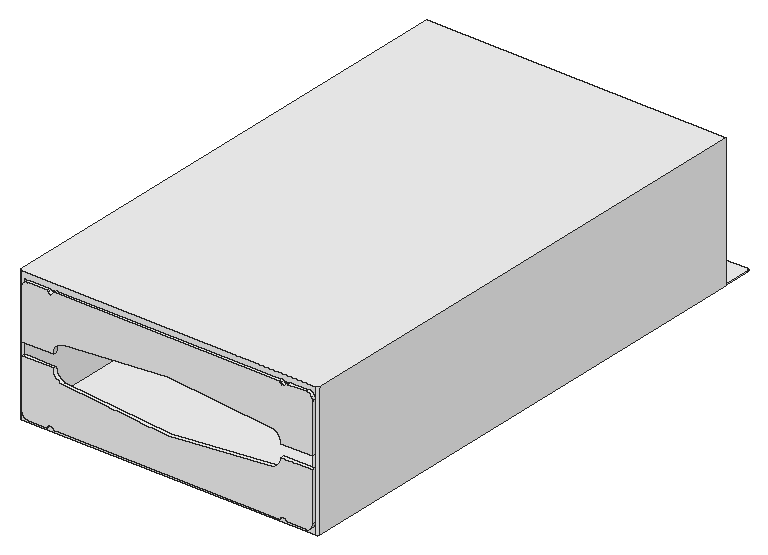
Revit family "NBS_DudleyIndustries_PprTwlDpnsrs_BehindTheMirrorRange_PaperTowelDispenser", category Specialty Equipment, host Face, Revit 2016
Family settings
  Host = Face
  Part Type = Normal
  Round Connector Dimension = Use Diameter
  OmniClass Number = 23.40.20.21.17
  OmniClass Title = Paper Towel Dispensers, Disposal Units
  Cut with Voids When Loaded = No
  Shared = No
  Room Calculation Point = No
Parameters
  WarrantyStartDate [instance] = "1900-12-31T23:59:59"
  WarrantyGuarantorParts = "sales@dudleyindustries.com"
  WarrantyGuarantorLabor = "n/a"
  WarrantyDurationUnit = "year"
  WarrantyDurationParts = "1"
  WarrantyDurationLabor = "n/a"
  WarrantyDescription = "1 year warranty"
  Version = "2"  # constant formula
  Uniclass2015Version = "Products v1.7"
  Uniclass2015Title = "Paper towel dispensers"
  Uniclass2015Code = "Pr_40_70_22_62"
  TowelsWidth = "260 mm max"
  TowelsTowelType = "C fold or muti-fold interleaved"
  TagNumber [instance] = "n/a"
  SustainabilityPerformance = "n/a"
  Style = "Paper Towel Dispenser"
  Size = "270 x 485 x 120 mm"
  Shape = "n/a"
  SerialNumber [instance] = "n/a"
  Revision = "n/a"
  ReplacementCost = "n/a"
  ProductInformation = "www.dudleyindustries.com/wp-content/uploads/2016/11/Flat-End-Paper-Towel-Dispenser.pdf"
  Operation = "Manual"
  NominalWidth = 270 mm  # constant formula
  NominalLength = NominalWidth  # 270 mm
  NominalHeight = 491 mm  # constant formula
  NominalDepth = 120 mm  # constant formula
  Name = "PaperTowelDispensers_BehindTheMirrorRange_PaperTowelDispenser_DudleyIndustries"
  NBSTypeID = "n/a"
  NBSReference = "45-35-72/344"
  NBSOfficeMasterTag = "n/a"
  NBSNote = "n/a"
  NBSDescription = "Paper towel dispensers"
  NBSCertification = "www.nationalbimlibrary.com/cert/s31ln2n3"
  ModelReference = "Behind the Mirror Range: Paper Towel Dispenser"
  ModelNumber = "92294"
  MaterialsFinishColour = "Brushed"
  MaterialsBody = "Stainless steel"
  Material = "Stainless steel"
  ManufacturerURL = "www.dudleyindustries.com/"
  ManufacturerName = "Dudley Industries"  # constant formula
  Manufacturer = "sales@dudleyindustries.com"
  MainColor = "Stainless steel"
  IntegralAccessories = "n/a"
  InstallationDate [instance] = "1900-12-31T23:59:59"
  IfcExportType = "NOTDEFINED"  # constant formula
  IfcExportAs = "IfcFurnitureType"  # constant formula
  Grade = "EN1.4509"
  Form = "Wall mounted"
  Finish = "Brushed"
  Features = "Brushed Stainless Steel flat bottomed ‘behind the mirror’ paper towel dispenser, loaded through spring-loaded flaps at the base, uses C fold multi-fold interleaved hand towels"
  ExpectedLife = "5"
  EnvironmentalProductDeclaration = "n/a"
  DurationUnit = "year"
  DispenserCabinetMaterial = NBS_Concept
  Description = "Behing the mirror paper towel dispenser"
  Default Elevation = 1200 mm
  Constituents = "n/a"
  Color = "Stainless steel"
  CodePerformance = "n/a"
  Category = "Pr_40_70_22_62:Paper towel dispensers"
  BarCode [instance] = "n/a"
  BIMObjectName = "NBS_DudleyIndustries_PaperTowelDispensers_BehindtheMirrorRange_PaperTowelDispenser"
  Author = "NBS"  # constant formula
  AssetType = "Fixed"
  AssetIdentifier [instance] = "n/a"
  AccessibilityPerformance = "n/a"
Reference planes
  plane 1 "Center (Front/Back)": y = 0
  plane 2: z = 0
  plane 3 "Center (Left/Right)": x = 0
  plane 4: x = 135
  plane 5: x = -135
  plane 6: y = 245.5
  plane 7: y = -245.5
  plane 8: z = 120
  plane 9: y = 217.7
  plane 10: x = -106.275
  plane 11: x = 106.125
  plane 12: x = -134.375
  plane 13: x = 134.225
  plane 14: x = -106.275
  plane 15: x = 106.125
  plane 16: y = -240.4
  plane 17: x = -129.8
  plane 18: z = 115.2
  plane 19: x = 132.2
  plane 20: z = 53.9
  plane 21: z = 65.2
  plane 22: z = 3.9
  plane 23: x = -83.3
  plane 24: x = 85.7
  plane 25: z = 17.9
  plane 26: x = -101.881
  plane 27: x = 104.412
  plane 28: z = 35.961
  plane 29: z = 83.526
  plane 30: z = 115.2
  plane 31: x = 132.2
  plane 32: x = -129.8
  plane 33: z = 3.9
  plane 34: z = 65.2
  plane 35: z = 53.9
  plane 36: z = 59.6
  plane 37: y = -242.3
  plane 38: z = 115
  plane 39: z = 5
  plane 40: y = -242.3
  plane 41: y = -207.3
Forms (mm)
  Extrusion 1, solid, material "NBS_Concept" <- "DispenserCabinetMaterial", detail levels coarse
    sketch origin (0, 0, 0) x (1, 0, 0) y (0, 1, 0)
      loop
        line (-135, -242.3) -> (135, -242.3) -> (135, 217.7) -> (-135, 217.7) -> (-135, -242.3)
    from 0 to 120
  Extrusion 2, solid, material "NBS_Concept" <- "DispenserCabinetMaterial", detail levels coarse
    sketch origin (0, 0, 0) x (1, 0, 0) y (0, 1, 0)
      loop
        line (-106.275, -240.4) -> (-106.275, 245.5) -> (-135, 245.5) -> (-135, -240.4) -> (-106.275, -240.4)
      loop
        line (106.125, 245.5) -> (106.125, -240.4) -> (135, -240.4) -> (135, 245.5) -> (106.125, 245.5)
    from 0 to 1
  Extrusion 3, solid, material "NBS_Concept" <- "DispenserCabinetMaterial", detail levels medium+fine
    sketch origin (0, 0, 0) x (1, 0, 0) y (0, 1, 0)
      loop
        arc (-131.375, 245.5) -> (-133.496, 244.621) -> (-134.375, 242.5) r 3
        line (-134.375, 242.5) -> (-134.375, -240.4) -> (-106.275, -240.4) -> (-106.275, 242.535)
        arc (-106.275, 242.535) -> (-106.998, 244.488) -> (-108.819, 245.5) r 3
        line (-108.819, 245.5) -> (-131.375, 245.5)
      loop
        line (106.125, -240.4) -> (134.225, -240.4) -> (134.225, 242.508)
        arc (134.225, 242.508) -> (133.349, 244.624) -> (131.233, 245.5) r 2.992
        line (131.233, 245.5) -> (109.109, 245.5)
        arc (109.109, 245.5) -> (106.999, 244.626) -> (106.125, 242.516) r 2.984
        line (106.125, 242.516) -> (106.125, -240.4)
    from 0 to 1
  Extrusion 4, void, detail levels medium+fine
    sketch origin (0, 0, 0) x (1, 0, 0) y (0, 1, 0)
      loop
        circle (-120.276, 227.689) r 2.707
      loop
        circle (120.21, 227.702) r 2.732
    from 0 to 1
  Extrusion 5, solid, material "NBS_Concept" <- "DispenserCabinetMaterial", detail levels coarse
    sketch origin (0, 0, 0) x (1, 0, 0) y (0, 0, 1)
      loop
        line (-129.8, 65.2) -> (-101.881, 65.2) -> (-101.881, 83.526) -> (104.412, 83.526) -> (104.412, 65.2) -> (132.2, 65.2) -> (132.2, 115.2) -> (-129.8, 115.2) -> (-129.8, 65.2)
      loop
        line (-101.881, 53.9) -> (-129.8, 53.9) -> (-129.8, 3.9) -> (132.2, 3.9) -> (132.2, 53.9) -> (104.412, 53.9) -> (104.412, 35.961) -> (-101.881, 35.961) -> (-101.881, 53.9)
    from 242.3 to 245.5
  Extrusion 6, solid, material "NBS_Concept" <- "DispenserCabinetMaterial", detail levels medium+fine
    sketch origin (0, 0, 0) x (1, 0, 0) y (0, 1, 0)
      loop
        line (-135, 217.7) -> (-135, -240.323)
        arc (-135, -240.323) -> (-134.421, -241.721) -> (-133.023, -242.3) r 1.977
        line (-133.023, -242.3) -> (132.952, -242.3)
        arc (132.952, -242.3) -> (134.4, -241.7) -> (135, -240.252) r 2.048
        line (135, -240.252) -> (135, 217.7) -> (-135, 217.7)
    from 0 to 120
  Extrusion 7, solid, material "NBS_Concept" <- "DispenserCabinetMaterial", detail levels medium+fine
    sketch origin (0, 0, 0) x (1, 0, 0) y (0, 0, 1)
      loop
        arc (-123.77, 115.2) -> (-128.034, 113.434) -> (-129.8, 109.17) r 6.03
        line (-129.8, 109.17) -> (-129.8, 65.2) -> (-101.62, 65.2)
        arc (-101.62, 65.2) -> (-99.34, 71.91) -> (-93.38, 75.746) r 10.757
        arc (-93.38, 75.746) -> (2.04, 83.541) -> (97.402, 75.054) r 562.965
        arc (97.402, 75.054) -> (101.979, 71.048) -> (103.651, 65.2) r 10.757
        line (103.651, 65.2) -> (132.2, 65.2) -> (132.2, 109.199)
        arc (132.2, 109.199) -> (130.442, 113.442) -> (126.199, 115.2) r 6.001
        line (126.199, 115.2) -> (110.231, 115.2)
        arc (110.231, 115.2) -> (109.204, 114.916) -> (108.467, 114.146) r 2.003
        arc (108.467, 114.146) -> (106.2, 112.7) -> (103.933, 114.146) r 2.5
        arc (103.933, 114.146) -> (103.229, 114.896) -> (102.247, 115.2) r 2.015
        line (102.247, 115.2) -> (-99.769, 115.2)
        arc (-99.769, 115.2) -> (-100.796, 114.916) -> (-101.533, 114.146) r 2.003
        arc (-101.533, 114.146) -> (-103.8, 112.7) -> (-106.067, 114.146) r 2.5
        arc (-106.067, 114.146) -> (-106.771, 114.896) -> (-107.753, 115.2) r 2.015
        line (-107.753, 115.2) -> (-123.77, 115.2)
      loop
        line (-129.8, 53.9) -> (-129.8, 9.896)
        arc (-129.8, 9.896) -> (-128.044, 5.656) -> (-123.804, 3.9) r 5.996
        line (-123.804, 3.9) -> (-107.572, 3.9)
        arc (-107.572, 3.9) -> (-106.695, 4.239) -> (-106.067, 4.938) r 2.014
        arc (-106.067, 4.938) -> (-103.799, 6.386) -> (-101.531, 4.94) r 2.502
        arc (-101.531, 4.94) -> (-100.795, 4.171) -> (-99.77, 3.889) r 2.001
        line (-99.77, 3.889) -> (102.132, 3.889)
        arc (102.132, 3.889) -> (103.188, 4.182) -> (103.943, 4.977) r 2.051
        arc (103.943, 4.977) -> (106.2, 6.4) -> (108.456, 4.977) r 2.501
        arc (108.456, 4.977) -> (109.183, 4.174) -> (110.231, 3.9) r 1.894
        line (110.231, 3.9) -> (126.241, 3.9)
        arc (126.241, 3.9) -> (130.455, 5.645) -> (132.2, 9.859) r 5.959
        line (132.2, 9.859) -> (132.2, 53.9) -> (103.651, 53.9)
        arc (103.651, 53.9) -> (101.952, 48.11) -> (97.402, 44.146) r 10.757
        arc (97.402, 44.146) -> (2.04, 35.659) -> (-93.38, 43.454) r 562.965
        arc (-93.38, 43.454) -> (-99.309, 47.25) -> (-101.62, 53.9) r 10.757
        line (-101.62, 53.9) -> (-129.8, 53.9)
    from 242.3 to 245.5
  Extrusion 8, solid, material "NBS_Concept" <- "DispenserCabinetMaterial", detail levels coarse
    sketch origin (0, 0, 0) x (1, 0, 0) y (0, 1, 0)
      loop
        line (-135, 217.7) -> (-135, -242.3) -> (135, -242.3) -> (135, 217.7) -> (-135, 217.7)
    from 0 to 120
  Extrusion 9, void
    sketch origin (-130, 0, 0) x (0, 1, 0) y (0, 0, 1)
      loop
        line (-242.3, 115) -> (-242.3, 5) -> (0, 5) -> (0, 115) -> (-242.3, 115)
    from 0 to 260
Cuts and joins
  Extrusion 4 cuts Extrusion 2
  Extrusion 4 cuts Extrusion 3
  Extrusion 9 cuts Extrusion 1
  Extrusion 9 cuts Extrusion 5
  Extrusion 9 cuts Extrusion 6
  Extrusion 9 cuts Extrusion 7
  Extrusion 9 cuts Extrusion 8
Dimensions and locks
  "NominalDepth": plane 8 to plane 2
  "NominalHeight": plane 7 to plane 6
  "NominalWidth": plane 5 to plane 4
  aligned and locked: plane 2 to host face
  aligned and locked: level to host face
  aligned and locked: plane 5 to Extrusion 1 sketch curve
  aligned and locked: Extrusion 1 sketch curve to plane 4
  aligned and locked: Extrusion 1 sketch curve to plane 9
  aligned and locked: Extrusion 2 to level
  aligned and locked: Extrusion 3 sketch curve to plane 13
  aligned and locked: Extrusion 3 sketch curve to plane 12
  aligned and locked: Extrusion 4 to level
  aligned and locked: Extrusion 2 to Extrusion 4
  aligned and locked: Extrusion 3 to level
  aligned and locked: Extrusion 5 sketch curve to plane 17  (x2)
  aligned and locked: Extrusion 5 sketch curve to plane 19  (x2)
  aligned and locked: Extrusion 5 sketch curve to plane 18
  aligned and locked: Extrusion 5 sketch curve to plane 20
  aligned and locked: Extrusion 5 sketch curve to plane 22
  aligned and locked: Extrusion 5 sketch curve to plane 26  (x2)
  aligned and locked: Extrusion 5 sketch curve to plane 28
  aligned and locked: Extrusion 5 sketch curve to plane 27  (x2)
  aligned and locked: Extrusion 5 sketch curve to plane 29
  aligned and locked: Extrusion 5 sketch curve to plane 21  (x2)
  aligned and locked: plane 7 to Extrusion 5
  aligned and locked: Extrusion 5 to Extrusion 1
  aligned and locked: Extrusion 6 to level
  aligned and locked: plane 8 to Extrusion 6
  aligned and locked: Extrusion 7 sketch curve to plane 30
  aligned and locked: plane 32 to Extrusion 7 sketch curve  (x2)
  aligned and locked: plane 34 to Extrusion 7 sketch curve
  aligned and locked: Extrusion 7 sketch curve to plane 31  (x2)
  aligned and locked: Extrusion 7 sketch curve to plane 35
  aligned and locked: Extrusion 8 sketch curve to plane 37
  aligned and locked: Extrusion 8 to level
  aligned and locked: plane 8 to Extrusion 8
  aligned and locked: Extrusion 9 sketch curve to plane 38
  aligned and locked: Extrusion 9 sketch curve to plane 40
  aligned and locked: Extrusion 9 sketch curve to plane 39
  aligned and locked: plane 1 "Center (Front/Back)" to Extrusion 9 sketch curve
Automatic sketch dimensions
  host sketch curve to host sketch curve = 560.776 mm
  host sketch curve to host sketch curve = 721.729 mm
  plane 6 to Extrusion 3 sketch curve = 0 mm  (x2)
  Extrusion 3 sketch curve to plane 14 = 0 mm
  Extrusion 3 sketch curve to plane 15 = 0 mm
  Extrusion 3 sketch curve to plane 16 = 0 mm  (x2)
  plane 6 to Extrusion 3 sketch curve = 3 mm
  plane 6 to Extrusion 3 sketch curve = 2.965 mm
  Extrusion 3 sketch curve to Extrusion 3 sketch curve = 3 mm
  plane 6 to Extrusion 3 sketch curve = 2.984 mm
  Extrusion 3 sketch curve to plane 13 = 2.992 mm
  Extrusion 5 sketch curve to plane 20 = 0 mm
  Extrusion 1 sketch curve to plane 4 = 0 mm
  Extrusion 1 sketch curve to plane 7 = 3.2 mm
  Extrusion 2 sketch curve to plane 5 = 0 mm
  plane 6 to Extrusion 2 sketch curve = 0 mm  (x2)
  Extrusion 2 sketch curve to plane 10 = 0 mm
  Extrusion 2 sketch curve to plane 11 = 0 mm
  Extrusion 2 sketch curve to plane 4 = 0 mm
  Extrusion 2 sketch curve to plane 7 = 5.1 mm  (x2)
  plane 5 to Extrusion 4 sketch curve = 14.724 mm
  Extrusion 4 sketch curve to plane 4 = 14.79 mm
  Extrusion 4 sketch curve to plane 9 = 9.989 mm
  Extrusion 4 sketch curve to plane 9 = 10.002 mm
  Extrusion 6 sketch curve to plane 5 = 0 mm
  Extrusion 6 sketch curve to plane 4 = 0 mm
  plane 9 to Extrusion 6 sketch curve = 0 mm
  plane 5 to Extrusion 6 sketch curve = 1.977 mm
  Extrusion 6 sketch curve to plane 4 = 2.048 mm
  Extrusion 6 sketch curve to plane 7 = 5.248 mm
  Extrusion 7 sketch curve to plane 33 = 0 mm  (x2)
  Extrusion 7 sketch curve to plane 30 = 0 mm  (x4)
  Extrusion 7 sketch curve to plane 34 = 0 mm
  Extrusion 7 sketch curve to plane 3 "Center (Left/Right)" = 0 mm  (x2)
  Extrusion 7 sketch curve to plane 35 = 0 mm
  plane 32 to Extrusion 7 sketch curve = 5.996 mm
  Extrusion 7 sketch curve to plane 30 = 6.03 mm
  plane 33 to Extrusion 7 sketch curve = 1.997 mm
  Extrusion 7 sketch curve to Extrusion 7 sketch curve = 15.965 mm
  Extrusion 7 sketch curve to plane 30 = 2.013 mm  (x2)
  Extrusion 7 sketch curve to Extrusion 7 sketch curve = 15.931 mm
  Extrusion 7 sketch curve to Extrusion 7 sketch curve = 0.085 mm  (x2)
  Extrusion 7 sketch curve to Extrusion 7 sketch curve = 0.267 mm
  Extrusion 7 sketch curve to Extrusion 7 sketch curve = 3.953 mm  (x2)
  Extrusion 7 sketch curve to plane 33 = 0.016 mm
  Extrusion 7 sketch curve to Extrusion 7 sketch curve = 3.773 mm
  Extrusion 7 sketch curve to Extrusion 7 sketch curve = 28.18 mm
  Extrusion 7 sketch curve to Extrusion 7 sketch curve = 0 mm  (x2)
  Extrusion 7 sketch curve to plane 33 = 0.011 mm
  Extrusion 7 sketch curve to Extrusion 7 sketch curve = 4.029 mm
  Extrusion 7 sketch curve to plane 30 = 2.003 mm  (x2)
  Extrusion 7 sketch curve to Extrusion 7 sketch curve = 4.031 mm  (x2)
  plane 35 to Extrusion 7 sketch curve = 0.013 mm  (x2)
  Extrusion 7 sketch curve to Extrusion 7 sketch curve = 10.757 mm  (x4)
  plane 34 to Extrusion 7 sketch curve = 0.087 mm  (x2)
  Extrusion 7 sketch curve to plane 31 = 39.306 mm
  plane 33 to Extrusion 7 sketch curve = 2.04 mm
  Extrusion 7 sketch curve to plane 31 = 30.068 mm
  Extrusion 7 sketch curve to plane 31 = 30.039 mm
  Extrusion 7 sketch curve to plane 33 = 0.001 mm
  Extrusion 7 sketch curve to Extrusion 7 sketch curve = 4.068 mm
  Extrusion 7 sketch curve to Extrusion 7 sketch curve = 3.966 mm
  Extrusion 7 sketch curve to Extrusion 7 sketch curve = 0.066 mm
  Extrusion 7 sketch curve to plane 31 = 6.001 mm
  Extrusion 7 sketch curve to plane 31 = 5.959 mm
  Extrusion 7 sketch curve to level = 479.421 mm
  plane 33 to Extrusion 7 sketch curve = 1.893 mm
  Extrusion 7 sketch curve to Extrusion 7 sketch curve = 2.001 mm
  plane 8 to Extrusion 7 sketch curve = 478.621 mm
  plane 33 to Extrusion 7 sketch curve = 1.038 mm
  Extrusion 7 sketch curve to plane 30 = 1.054 mm  (x2)
  plane 34 to Extrusion 7 sketch curve = 10.546 mm
  Extrusion 7 sketch curve to plane 35 = 10.446 mm
  plane 33 to Extrusion 7 sketch curve = 1.077 mm
  Extrusion 8 sketch curve to plane 5 = 0 mm
  Extrusion 8 sketch curve to plane 4 = 0 mm
  plane 9 to Extrusion 8 sketch curve = 0 mm
  radius of Extrusion 4 sketch curve = 2.707 mm
  radius of Extrusion 4 sketch curve = 2.732 mm
